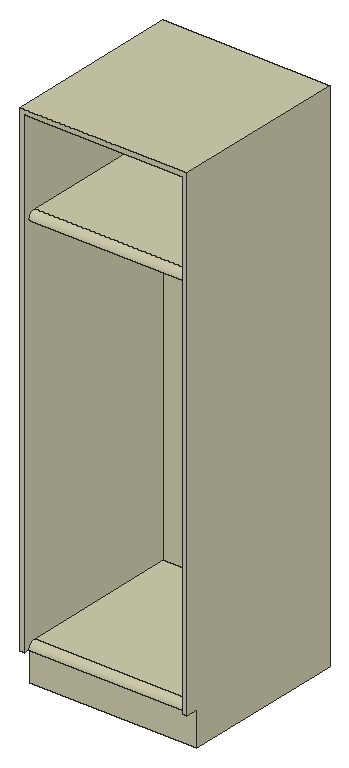
Revit family "Wenger Cabinet 31", category Furniture, Revit 2011
Parameters (values of type "Standard Cabinet #31")
  URL = "http://www.wengercorp.com/Home/Contact.html"
  Toekick Material [instance] = none
  RH End Panel [instance] = no
  Model = "31"
  Manufacturer = "Wenger Corporation"
  LH End Panel [instance] = no
  End Panel Material [instance] = none
  Edge Banding Material [instance] = none
  Door Material [instance] = none
  Description = "Standard Cabinet #31"
  Cabinet Width = 2' - 3 1/2"
  Cabinet Label = Labels : Standard
  Cabinet Height = 7' - 1 5/8"
  Cabinet Depth = 2' - 5 1/4"
  Cabinet Back Thickness = 0' - 0 3/4"
  Assembly Code = ""
Reference planes (in)
  plane 1 "Front": y = 0
  plane 2: z = 0
  plane 3 "Left": x = 0
  plane 4 "Right": x = 27.5
  plane 5 "Back": y = 29.25
  plane 6 "Top": z = 85.625
  plane 7: z = 5.625
  plane 8: z = 21.475
  plane 9: z = 37.325
  plane 10: z = 53.175
  plane 11: z = 69.025
  plane 12: x = 0.75
  plane 13: x = 26.75
  plane 14: z = 84.875
  plane 15: y = 28.5
  plane 16: y = 2
  plane 17: y = 0.75
  plane 18: z = 22.6
  plane 19: z = 38.45
  plane 20: z = 54.3
  plane 21: z = 70.15
  plane 22: z = 6.75
  plane 23: z = 66
  plane 24: y = 14
Forms (in)
  Extrusion 1, solid, material "Wenger - Oyster"
    sketch origin (0, 0, 0) x (0, 1, 0) y (0, 0, 1)
      loop
        line (0, 85.625) -> (0, 5.625) -> (2, 5.625) -> (2, 0) -> (29.25, 0) -> (29.25, 85.625) -> (0, 85.625)
    from 0 to 27.5
  Extrusion 2, void
    sketch origin (0, 0, 0) x (0, 1, 0) y (0, 0, 1)
      loop
        line (-5.5, 84.875) -> (-5.5, 5.625) -> (0.75, 5.625)
        arc (0.75, 5.625) -> (1.18296, 6.40088) -> (2, 6.75) r 1.375
        line (2, 6.75) -> (28.5, 6.75) -> (28.5, 69.025) -> (0.75, 69.025)
        arc (0.75, 69.025) -> (1.18296, 69.80088) -> (2, 70.15) r 1.375
        line (2, 70.15) -> (28.5, 70.15) -> (28.5, 84.875) -> (-5.5, 84.875)
    from 0.75 to 26.75
  Extrusion 3, solid
    sketch origin (0, 0, 0) x (0, 1, 0) y (0, 0, 1)
      loop
        line (14, 66) -> (14, 67.25) -> (13.375, 67.25) -> (13.156, 66.87068) -> (13.22028, 66.83357) -> (13.41785, 67.17578) -> (13.92578, 67.17578) -> (13.92578, 66) -> (14, 66)
    from 0.75 to 26.75
Cuts and joins
  Extrusion 2 cuts Extrusion 1
Lines and regions (in)
  symbolic lines
    curve 1: line (0, 29.25, 0) -> (27.5, 29.25, 0)
    curve 2: line (0, 0, 0) -> (0, 29.25, 0)
    curve 3: line (27.5, 0, 0) -> (0, 0, 0)
    curve 4: line (27.5, 29.25, 0) -> (27.5, 0, 0)
Dimensions and locks (in)
  locked: plane 3 "Left" to plane 12 at 0.75
  locked: plane 13 to plane 4 "Right" at 0.75
  "Cabinet Back Thickness": plane 5 "Back" to plane 15
  locked: plane 1 "Front" to plane 17 at 0.75
  locked: plane 1 "Front" to plane 16 at 2
  locked: plane 18 to plane 8 at 1.125
  locked: plane 19 to plane 9 at 1.125
  locked: plane 20 to plane 10 at 1.125
  locked: plane 21 to plane 11 at 1.125
  locked: plane 6 "Top" to plane 14 at 0.75
  equal spacing: plane 14, plane 11, plane 10, plane 9, plane 8, plane 7
  locked: plane 22 to plane 7 at 1.125
  plane 13 to plane 3 "Left" = 2' - 2 3/4"
  "Cabinet Width": plane 3 "Left" to plane 4 "Right"
  locked: plane 7 to level at 5.625
  "Cabinet Height": plane 6 "Top" to level
  "Cabinet Depth": plane 1 "Front" to plane 5 "Back"
  plane 12 to plane 13 = 2' - 2"
  plane 14 to plane 7 = 6' - 7 1/4"
  locked: plane 5 "Back" to plane 24 at 15.25
  locked: plane 23 to cut or joined group of Extrusion 1, Extrusion 2 at 66
  aligned and locked: Extrusion 1 sketch curve to plane 6 "Top"
  aligned and locked: Extrusion 1 sketch curve to plane 5 "Back"
  aligned and locked: Extrusion 1 sketch curve to plane 1 "Front"
  aligned and locked: Extrusion 1 sketch curve to plane 7
  aligned and locked: Extrusion 1 sketch curve to plane 16
  aligned and locked: Extrusion 1 sketch curve to level
  aligned and locked: Extrusion 1 to plane 4 "Right"
  aligned and locked: Extrusion 1 to plane 3 "Left"
  aligned and locked: Extrusion 2 sketch curve to plane 14
  aligned and locked: Extrusion 2 sketch curve to plane 15
  aligned and locked: Extrusion 2 sketch curve to plane 11
  aligned and locked: Extrusion 2 sketch curve to plane 22
  aligned and locked: Extrusion 2 sketch curve to plane 21
  aligned and locked: Extrusion 2 to plane 12
  aligned and locked: plane 3 "Left" to curve 2
  aligned and locked: curve 1 to plane 5 "Back"
  aligned and locked: plane 4 "Right" to curve 4
  aligned and locked: curve 3 to plane 1 "Front"
  aligned and locked: Extrusion 2 to plane 13
  aligned and locked: Extrusion 3 to plane 23
  aligned and locked: plane 24 to Extrusion 3
  aligned and locked: Extrusion 3 to plane 12
  aligned and locked: Extrusion 3 to plane 13
Automatic sketch dimensions
  Extrusion 2 sketch curve to plane 7 = 0' - 0"
  Extrusion 2 sketch curve to plane 17 = 0' - 0"  (x2)
  Extrusion 2 sketch curve to plane 16 = 0' - 0"  (x2)
  Extrusion 2 sketch curve to plane 15 = 0' - 0"
  plane 1 "Front" to Extrusion 2 sketch curve = 0' - 5 1/2"
  Extrusion 2 sketch curve to plane 16 = 0' - 0.10279"  (x2)
  Extrusion 3 sketch curve to plane 23 = 0' - 0"
  Extrusion 3 sketch curve to plane 24 = 0' - 0"
  Extrusion 3 sketch curve to plane 24 = 0' - 0 19/256"
  Extrusion 3 sketch curve to Extrusion 3 sketch curve = 0' - 0.50793"
  Extrusion 3 sketch curve to Extrusion 3 sketch curve = 0' - 0.04285"
  Extrusion 3 sketch curve to Extrusion 3 sketch curve = 0' - 0.19757"
  Extrusion 3 sketch curve to Extrusion 3 sketch curve = 0' - 0.06428"
  plane 23 to Extrusion 3 sketch curve = 0' - 0.83357"
  Extrusion 3 sketch curve to Extrusion 3 sketch curve = 0' - 0.03711"
Nested families (in)
  nested 1: "LH End Panel" at (0, 14.25, 0) x (0, -1, 0) z (0, 0, 1), End Panel Material <- "End Panel Material", visible <- "LH End Panel", Edge Banding Material <- "Edge Banding Material", type "20x84 LH"
    with End Panel Material none, Edge Banding Material none, End Panel Depth 2' - 5 1/4"
  nested 2: "RH End Panel" at (28.25, 14.25, 0) x (0, -1, 0) z (0, 0, 1), End Panel Material <- "End Panel Material", visible <- "RH End Panel", Edge Banding Material <- "Edge Banding Material", type "20x84 RH"
    with End Panel Material none, Edge Banding Material none, End Panel Depth 2' - 5 1/4"
  nested 3: "Labels" at (13.87937, 14.77328, 0), type <- "Cabinet Label", type "Standard"
  nested 4: "Front Note" at (13.75, 0.75, 0), type "Front Note", detail levels medium+fine
Definition of nested family "LH End Panel"
  Parameters (values of type "20x84 LH")
    End Panel Material [instance] = none
    End Panel Height = 7' - 1 5/8"
    End Panel Depth = 1' - 7 1/4"
    Edge Banding Material [instance] = none
    Default Elevation = 4' - 0"
    Assembly Code = ""
  Reference planes (in)
    plane 1 "Center (Front/Back)": y = 0
    plane 2: z = 0
    plane 3 "Center (Left/Right)": x = 0
    plane 4: x = -15
    plane 5: x = 4.25
    plane 6: z = 5.625
    plane 7: x = 2.25
    plane 8: z = 85.625
    plane 9: y = -0.75
  Forms (in)
    Extrusion 1, solid, material <- "End Panel Material"
      sketch origin (0, 0, 0) x (1, 0, 0) y (0, 0, 1)
        loop
          line (-15, 85.625) -> (-15, 0) -> (2.25, 0) -> (2.25, 5.625) -> (4.25, 5.625) -> (4.25, 85.625) -> (-15, 85.625)
      from 0 to 0.75
  Dimensions and locks (in)
    locked: plane 7 to plane 5 at 2
    locked: plane 6 to level at 5.625
    "End Panel Height": plane 8 to level
    "End Panel Depth": plane 5 to plane 4
    locked: plane 9 to plane 1 "Center (Front/Back)" at 0.75
    aligned and locked: plane 4 to Extrusion 1 sketch curve
    aligned and locked: level to Extrusion 1 sketch curve
    aligned and locked: plane 7 to Extrusion 1 sketch curve
    aligned and locked: plane 6 to Extrusion 1 sketch curve
    aligned and locked: Extrusion 1 sketch curve to plane 5
    aligned and locked: Extrusion 1 sketch curve to plane 8
    aligned and locked: Extrusion 1 to plane 9
    aligned and locked: Extrusion 1 to plane 1 "Center (Front/Back)"
Definition of nested family "RH End Panel"
  Parameters (values of type "20x84 RH")
    End Panel Material [instance] = none
    End Panel Height = 7' - 1 5/8"
    End Panel Depth = 1' - 7 1/4"
    Edge Banding Material [instance] = none
    Default Elevation = 4' - 0"
    Assembly Code = ""
  Reference planes (in)
    plane 1 "Center (Front/Back)": y = 0
    plane 2: z = 0
    plane 3 "Center (Left/Right)": x = 0
    plane 4: x = -15
    plane 5: x = 4.25
    plane 6: z = 5.625
    plane 7: x = 2.25
    plane 8: z = 85.625
    plane 9: y = -0.75
  Forms (in)
    Extrusion 1, solid, material <- "End Panel Material"
      sketch origin (0, 0, 0) x (1, 0, 0) y (0, 0, 1)
        loop
          line (-15, 85.625) -> (-15, 0) -> (2.25, 0) -> (2.25, 5.625) -> (4.25, 5.625) -> (4.25, 85.625) -> (-15, 85.625)
      from 0 to 0.75
  Dimensions and locks (in)
    locked: plane 7 to plane 5 at 2
    locked: plane 6 to level at 5.625
    "End Panel Height": plane 8 to level
    "End Panel Depth": plane 5 to plane 4
    locked: plane 9 to plane 1 "Center (Front/Back)" at 0.75
    aligned and locked: plane 4 to Extrusion 1 sketch curve
    aligned and locked: level to Extrusion 1 sketch curve
    aligned and locked: plane 7 to Extrusion 1 sketch curve
    aligned and locked: plane 6 to Extrusion 1 sketch curve
    aligned and locked: Extrusion 1 sketch curve to plane 5
    aligned and locked: Extrusion 1 sketch curve to plane 8
    aligned and locked: Extrusion 1 to plane 9
    aligned and locked: Extrusion 1 to plane 1 "Center (Front/Back)"
Definition of nested family "Labels"
  Parameters (values of type "Standard")
    Cabinet Label = "01"
  Types (4): name | Cabinet Label
    Standard | "01"
    Narrow | "01N"
    Narrow Acoustic | "01NA"
    Acoustic | "01A"
  Reference planes (in)
    plane 1: y = 0
    plane 2: x = 0
  Text (in)
    label "xxxx" at (-0.00018, 0.00754, 0), shows "Cabinet Label"
Definition of nested family "Front Note"
  Parameters (values of type "Front Note")
    Cabinet Label = "Front"
  Reference planes (in)
    plane 1: y = 0
    plane 2: x = 0
  Text (in)
    label "Front" at (-0.00018, 0.00754, 0), shows "Cabinet Label"
